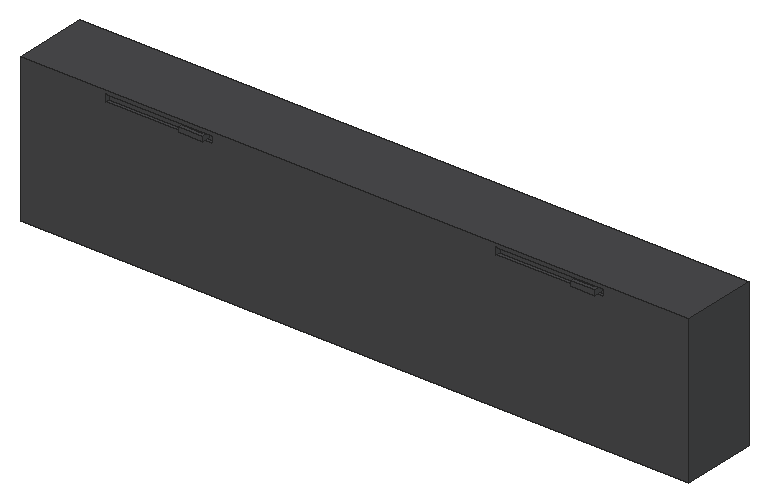
Revit family "DOT BLOCK CEILLING 328_DTSM15U3.1", category Luminarias, Revit 2019
Family settings
  Cota de conector redondo = Diámetro de uso
  Tipo de pieza = Normal
  Se basa en plano de trabajo = Sí
  Siempre vertical = Sí
  Corte con vacíos al cargar = No
  Origen de luz = Sí
  Compartido = No
  Punto de cálculo de habitación = No
Parameters (values of type "DOT BLOCK SURFACE 328_DM15U3.3.1535")
  Ángulo de inclinación = 60.00°
  Zone [instance] = ""
  Watt per fixture = 15
  Wattage = 15 W
  built-in parameter 1150107 = 2700 (stored number, unit not read)
  built-in parameter 1150110 = 1 (stored number, unit not read)
  built-in parameter 1150109 = 1 (stored number, unit not read)
  built-in parameter 1150112 = 1 (stored number, unit not read)
  built-in parameter 1150113 = 1 (stored number, unit not read)
  built-in parameter 1114218 = 1 (stored number, unit not read)
  Keynote = ""
  built-in parameter 1150137 = (empty or 0)
  built-in parameter 1150132 = (empty or 0)
  Modelo = "DM15U3.3.1535"
  Lámpara = "3030SMD PHILIPS"
  built-in parameter 1150105 = 95.493 (stored number, unit not read)
  built-in parameter 1150102 = (empty or 0)
  built-in parameter 1150106 = 0.95493 (stored number, unit not read)
  Lumens = 1200 lm
  Color Filter = 16777215
  built-in parameter 1114217 = 1 (stored number, unit not read)
  built-in parameter 1150139 = (empty or 0)
  Fabricante = "BRILLANT"
  Default Elevation = 1219.2 mm
  built-in parameter 1150104 = 7.4322 (stored number, unit not read)
  Descripción = "LUMINARIA DOWNLIGHT EN FORMATO RECTANGULAR PARA EMPOTRAR DIRECTO EN PLAFON, CUERPO DE ALUMINIO ACABADO EN COLOR NEGRO, IP 20, PESO 0.84Kg, TIPO DE LED 3030SMD PHILIPS CON 15W TOTAL, 1200 LUMENES, 80LM/W, IRC 90, TEMPERATURA EN BLANCO CALIDO 2700K, 50 MIL HORAS DE VIDA PROMEDIO, APERTURA ELIPTICA DE 15X35 GRADOS POR PROYECTO, ALIMENTADO A 90-240V"
  built-in parameter 1150115 = 1 (stored number, unit not read)
  built-in parameter 1150114 = 1 (stored number, unit not read)
  Comentarios de vataje = "90-240V"
  built-in parameter 1150138 = (empty or 0)
  built-in parameter 1150134 = (empty or 0)
  Circuit [instance] = ""
  Dimming Lamp Color Temperature Shift = (empty or 0)
  Archivo de red fotométrica = "L328A-15W-827-B-15X35_IESNA95.IES"
  built-in parameter 1150133 = 10 (stored number, unit not read)
Reference planes
  plane 1 "Centro (Frontal/Posterior)": y = 0
  plane 2: z = 0
  plane 3 "Centro (Izquierda/Derecha)": x = 0
Forms (mm)
  Extrusion 1, solid, material "Default Form", not visible
    sketch origin (0, 0, 0) x (1, 0, 0) y (0, 0, 1)
      loop
        line (-473, 0) -> (-473, -72) -> (473, -72) -> (473, 0) -> (-473, 0)
    from -18.326 to 18.326
  Blend 2, void, not visible
    base sketch origin (-293.63, 0, 0) x (1, 0, 0) y (0, 1, 0)
      loop
        line (-162, 16.149) -> (-162, -16.149) -> (-144.14, -16.149) -> (-144.14, 16.149) -> (-162, 16.149)
    top sketch origin (-293.63, 0, 0) x (1, 0, 0) y (0, 1, 0)
      loop
        line (-160, 12.149) -> (-160, -12.149) -> (-146.14, -12.149) -> (-146.14, 12.149) -> (-160, 12.149)
    from -72 to -61.591
  Blend 3, void, not visible
    base sketch origin (-267.33, 0, 0) x (1, 0, 0) y (0, 1, 0)
      loop
        line (-162, 16.149) -> (-162, -16.149) -> (-144.14, -16.149) -> (-144.14, 16.149) -> (-162, 16.149)
    top sketch origin (-267.33, 0, 0) x (1, 0, 0) y (0, 1, 0)
      loop
        line (-160, 12.149) -> (-160, -12.149) -> (-146.14, -12.149) -> (-146.14, 12.149) -> (-160, 12.149)
    from -72 to -61.591
  Blend 4, void, not visible
    base sketch origin (-241.03, 0, 0) x (1, 0, 0) y (0, 1, 0)
      loop
        line (-162, 16.149) -> (-162, -16.149) -> (-144.14, -16.149) -> (-144.14, 16.149) -> (-162, 16.149)
    top sketch origin (-241.03, 0, 0) x (1, 0, 0) y (0, 1, 0)
      loop
        line (-160, 12.149) -> (-160, -12.149) -> (-146.14, -12.149) -> (-146.14, 12.149) -> (-160, 12.149)
    from -72 to -61.591
  Blend 5, void, not visible
    base sketch origin (-214.73, 0, 0) x (1, 0, 0) y (0, 1, 0)
      loop
        line (-162, 16.149) -> (-162, -16.149) -> (-144.14, -16.149) -> (-144.14, 16.149) -> (-162, 16.149)
    top sketch origin (-214.73, 0, 0) x (1, 0, 0) y (0, 1, 0)
      loop
        line (-160, 12.149) -> (-160, -12.149) -> (-146.14, -12.149) -> (-146.14, 12.149) -> (-160, 12.149)
    from -72 to -61.591
  Blend 6, void, not visible
    base sketch origin (-188.43, 0, 0) x (1, 0, 0) y (0, 1, 0)
      loop
        line (-162, 16.149) -> (-162, -16.149) -> (-144.14, -16.149) -> (-144.14, 16.149) -> (-162, 16.149)
    top sketch origin (-188.43, 0, 0) x (1, 0, 0) y (0, 1, 0)
      loop
        line (-160, 12.149) -> (-160, -12.149) -> (-146.14, -12.149) -> (-146.14, 12.149) -> (-160, 12.149)
    from -72 to -61.591
  Blend 7, void, not visible
    base sketch origin (-162.13, 0, 0) x (1, 0, 0) y (0, 1, 0)
      loop
        line (-162, 16.149) -> (-162, -16.149) -> (-144.14, -16.149) -> (-144.14, 16.149) -> (-162, 16.149)
    top sketch origin (-162.13, 0, 0) x (1, 0, 0) y (0, 1, 0)
      loop
        line (-160, 12.149) -> (-160, -12.149) -> (-146.14, -12.149) -> (-146.14, 12.149) -> (-160, 12.149)
    from -72 to -61.591
  Blend 8, void, not visible
    base sketch origin (-135.83, 0, 0) x (1, 0, 0) y (0, 1, 0)
      loop
        line (-162, 16.149) -> (-162, -16.149) -> (-144.14, -16.149) -> (-144.14, 16.149) -> (-162, 16.149)
    top sketch origin (-135.83, 0, 0) x (1, 0, 0) y (0, 1, 0)
      loop
        line (-160, 12.149) -> (-160, -12.149) -> (-146.14, -12.149) -> (-146.14, 12.149) -> (-160, 12.149)
    from -72 to -61.591
  Blend 9, void, not visible
    base sketch origin (-109.53, 0, 0) x (1, 0, 0) y (0, 1, 0)
      loop
        line (-162, 16.149) -> (-162, -16.149) -> (-144.14, -16.149) -> (-144.14, 16.149) -> (-162, 16.149)
    top sketch origin (-109.53, 0, 0) x (1, 0, 0) y (0, 1, 0)
      loop
        line (-160, 12.149) -> (-160, -12.149) -> (-146.14, -12.149) -> (-146.14, 12.149) -> (-160, 12.149)
    from -72 to -61.591
  Blend 10, void, not visible
    base sketch origin (-83.23, 0, 0) x (1, 0, 0) y (0, 1, 0)
      loop
        line (-162, 16.149) -> (-162, -16.149) -> (-144.14, -16.149) -> (-144.14, 16.149) -> (-162, 16.149)
    top sketch origin (-83.23, 0, 0) x (1, 0, 0) y (0, 1, 0)
      loop
        line (-160, 12.149) -> (-160, -12.149) -> (-146.14, -12.149) -> (-146.14, 12.149) -> (-160, 12.149)
    from -72 to -61.591
  Blend 11, void, not visible
    base sketch origin (-56.93, 0, 0) x (1, 0, 0) y (0, 1, 0)
      loop
        line (-162, 16.149) -> (-162, -16.149) -> (-144.14, -16.149) -> (-144.14, 16.149) -> (-162, 16.149)
    top sketch origin (-56.93, 0, 0) x (1, 0, 0) y (0, 1, 0)
      loop
        line (-160, 12.149) -> (-160, -12.149) -> (-146.14, -12.149) -> (-146.14, 12.149) -> (-160, 12.149)
    from -72 to -61.591
  Blend 12, void, not visible
    base sketch origin (-30.63, 0, 0) x (1, 0, 0) y (0, 1, 0)
      loop
        line (-162, 16.149) -> (-162, -16.149) -> (-144.14, -16.149) -> (-144.14, 16.149) -> (-162, 16.149)
    top sketch origin (-30.63, 0, 0) x (1, 0, 0) y (0, 1, 0)
      loop
        line (-160, 12.149) -> (-160, -12.149) -> (-146.14, -12.149) -> (-146.14, 12.149) -> (-160, 12.149)
    from -72 to -61.591
  Blend 13, void, not visible
    base sketch origin (-4.33, 0, 0) x (1, 0, 0) y (0, 1, 0)
      loop
        line (-162, 16.149) -> (-162, -16.149) -> (-144.14, -16.149) -> (-144.14, 16.149) -> (-162, 16.149)
    top sketch origin (-4.33, 0, 0) x (1, 0, 0) y (0, 1, 0)
      loop
        line (-160, 12.149) -> (-160, -12.149) -> (-146.14, -12.149) -> (-146.14, 12.149) -> (-160, 12.149)
    from -72 to -61.591
  Blend 14, void, not visible
    base sketch origin (21.97, 0, 0) x (1, 0, 0) y (0, 1, 0)
      loop
        line (-162, 16.149) -> (-162, -16.149) -> (-144.14, -16.149) -> (-144.14, 16.149) -> (-162, 16.149)
    top sketch origin (21.97, 0, 0) x (1, 0, 0) y (0, 1, 0)
      loop
        line (-160, 12.149) -> (-160, -12.149) -> (-146.14, -12.149) -> (-146.14, 12.149) -> (-160, 12.149)
    from -72 to -61.591
  Blend 15, void, not visible
    base sketch origin (48.27, 0, 0) x (1, 0, 0) y (0, 1, 0)
      loop
        line (-162, 16.149) -> (-162, -16.149) -> (-144.14, -16.149) -> (-144.14, 16.149) -> (-162, 16.149)
    top sketch origin (48.27, 0, 0) x (1, 0, 0) y (0, 1, 0)
      loop
        line (-160, 12.149) -> (-160, -12.149) -> (-146.14, -12.149) -> (-146.14, 12.149) -> (-160, 12.149)
    from -72 to -61.591
  Blend 16, void, not visible
    base sketch origin (74.57, 0, 0) x (1, 0, 0) y (0, 1, 0)
      loop
        line (-162, 16.149) -> (-162, -16.149) -> (-144.14, -16.149) -> (-144.14, 16.149) -> (-162, 16.149)
    top sketch origin (74.57, 0, 0) x (1, 0, 0) y (0, 1, 0)
      loop
        line (-160, 12.149) -> (-160, -12.149) -> (-146.14, -12.149) -> (-146.14, 12.149) -> (-160, 12.149)
    from -72 to -61.591
  Blend 17, void, not visible
    base sketch origin (100.87, 0, 0) x (1, 0, 0) y (0, 1, 0)
      loop
        line (-162, 16.149) -> (-162, -16.149) -> (-144.14, -16.149) -> (-144.14, 16.149) -> (-162, 16.149)
    top sketch origin (100.87, 0, 0) x (1, 0, 0) y (0, 1, 0)
      loop
        line (-160, 12.149) -> (-160, -12.149) -> (-146.14, -12.149) -> (-146.14, 12.149) -> (-160, 12.149)
    from -72 to -61.591
  Blend 18, void, not visible
    base sketch origin (127.17, 0, 0) x (1, 0, 0) y (0, 1, 0)
      loop
        line (-162, 16.149) -> (-162, -16.149) -> (-144.14, -16.149) -> (-144.14, 16.149) -> (-162, 16.149)
    top sketch origin (127.17, 0, 0) x (1, 0, 0) y (0, 1, 0)
      loop
        line (-160, 12.149) -> (-160, -12.149) -> (-146.14, -12.149) -> (-146.14, 12.149) -> (-160, 12.149)
    from -72 to -61.591
  Blend 19, void, not visible
    base sketch origin (153.47, 0, 0) x (1, 0, 0) y (0, 1, 0)
      loop
        line (-162, 16.149) -> (-162, -16.149) -> (-144.14, -16.149) -> (-144.14, 16.149) -> (-162, 16.149)
    top sketch origin (153.47, 0, 0) x (1, 0, 0) y (0, 1, 0)
      loop
        line (-160, 12.149) -> (-160, -12.149) -> (-146.14, -12.149) -> (-146.14, 12.149) -> (-160, 12.149)
    from -72 to -61.591
  Blend 20, void, not visible
    base sketch origin (179.77, 0, 0) x (1, 0, 0) y (0, 1, 0)
      loop
        line (-162, 16.149) -> (-162, -16.149) -> (-144.14, -16.149) -> (-144.14, 16.149) -> (-162, 16.149)
    top sketch origin (179.77, 0, 0) x (1, 0, 0) y (0, 1, 0)
      loop
        line (-160, 12.149) -> (-160, -12.149) -> (-146.14, -12.149) -> (-146.14, 12.149) -> (-160, 12.149)
    from -72 to -61.591
  Blend 21, void, not visible
    base sketch origin (206.07, 0, 0) x (1, 0, 0) y (0, 1, 0)
      loop
        line (-162, 16.149) -> (-162, -16.149) -> (-144.14, -16.149) -> (-144.14, 16.149) -> (-162, 16.149)
    top sketch origin (206.07, 0, 0) x (1, 0, 0) y (0, 1, 0)
      loop
        line (-160, 12.149) -> (-160, -12.149) -> (-146.14, -12.149) -> (-146.14, 12.149) -> (-160, 12.149)
    from -72 to -61.591
  Blend 22, void, not visible
    base sketch origin (232.37, 0, 0) x (1, 0, 0) y (0, 1, 0)
      loop
        line (-162, 16.149) -> (-162, -16.149) -> (-144.14, -16.149) -> (-144.14, 16.149) -> (-162, 16.149)
    top sketch origin (232.37, 0, 0) x (1, 0, 0) y (0, 1, 0)
      loop
        line (-160, 12.149) -> (-160, -12.149) -> (-146.14, -12.149) -> (-146.14, 12.149) -> (-160, 12.149)
    from -72 to -61.591
  Blend 23, void, not visible
    base sketch origin (258.67, 0, 0) x (1, 0, 0) y (0, 1, 0)
      loop
        line (-162, 16.149) -> (-162, -16.149) -> (-144.14, -16.149) -> (-144.14, 16.149) -> (-162, 16.149)
    top sketch origin (258.67, 0, 0) x (1, 0, 0) y (0, 1, 0)
      loop
        line (-160, 12.149) -> (-160, -12.149) -> (-146.14, -12.149) -> (-146.14, 12.149) -> (-160, 12.149)
    from -72 to -61.591
  Blend 24, void, not visible
    base sketch origin (284.97, 0, 0) x (1, 0, 0) y (0, 1, 0)
      loop
        line (-162, 16.149) -> (-162, -16.149) -> (-144.14, -16.149) -> (-144.14, 16.149) -> (-162, 16.149)
    top sketch origin (284.97, 0, 0) x (1, 0, 0) y (0, 1, 0)
      loop
        line (-160, 12.149) -> (-160, -12.149) -> (-146.14, -12.149) -> (-146.14, 12.149) -> (-160, 12.149)
    from -72 to -61.591
  Blend 25, void, not visible
    base sketch origin (311.27, 0, 0) x (1, 0, 0) y (0, 1, 0)
      loop
        line (-162, 16.149) -> (-162, -16.149) -> (-144.14, -16.149) -> (-144.14, 16.149) -> (-162, 16.149)
    top sketch origin (311.27, 0, 0) x (1, 0, 0) y (0, 1, 0)
      loop
        line (-160, 12.149) -> (-160, -12.149) -> (-146.14, -12.149) -> (-146.14, 12.149) -> (-160, 12.149)
    from -72 to -61.591
  Blend 26, void, not visible
    base sketch origin (337.57, 0, 0) x (1, 0, 0) y (0, 1, 0)
      loop
        line (-162, 16.149) -> (-162, -16.149) -> (-144.14, -16.149) -> (-144.14, 16.149) -> (-162, 16.149)
    top sketch origin (337.57, 0, 0) x (1, 0, 0) y (0, 1, 0)
      loop
        line (-160, 12.149) -> (-160, -12.149) -> (-146.14, -12.149) -> (-146.14, 12.149) -> (-160, 12.149)
    from -72 to -61.591
  Blend 27, void, not visible
    base sketch origin (363.87, 0, 0) x (1, 0, 0) y (0, 1, 0)
      loop
        line (-162, 16.149) -> (-162, -16.149) -> (-144.14, -16.149) -> (-144.14, 16.149) -> (-162, 16.149)
    top sketch origin (363.87, 0, 0) x (1, 0, 0) y (0, 1, 0)
      loop
        line (-160, 12.149) -> (-160, -12.149) -> (-146.14, -12.149) -> (-146.14, 12.149) -> (-160, 12.149)
    from -72 to -61.591
  Blend 28, void, not visible
    base sketch origin (390.17, 0, 0) x (1, 0, 0) y (0, 1, 0)
      loop
        line (-162, 16.149) -> (-162, -16.149) -> (-144.14, -16.149) -> (-144.14, 16.149) -> (-162, 16.149)
    top sketch origin (390.17, 0, 0) x (1, 0, 0) y (0, 1, 0)
      loop
        line (-160, 12.149) -> (-160, -12.149) -> (-146.14, -12.149) -> (-146.14, 12.149) -> (-160, 12.149)
    from -72 to -61.591
  Blend 29, void, not visible
    base sketch origin (416.47, 0, 0) x (1, 0, 0) y (0, 1, 0)
      loop
        line (-162, 16.149) -> (-162, -16.149) -> (-144.14, -16.149) -> (-144.14, 16.149) -> (-162, 16.149)
    top sketch origin (416.47, 0, 0) x (1, 0, 0) y (0, 1, 0)
      loop
        line (-160, 12.149) -> (-160, -12.149) -> (-146.14, -12.149) -> (-146.14, 12.149) -> (-160, 12.149)
    from -72 to -61.591
  Blend 30, void, not visible
    base sketch origin (442.77, 0, 0) x (1, 0, 0) y (0, 1, 0)
      loop
        line (-162, 16.149) -> (-162, -16.149) -> (-144.14, -16.149) -> (-144.14, 16.149) -> (-162, 16.149)
    top sketch origin (442.77, 0, 0) x (1, 0, 0) y (0, 1, 0)
      loop
        line (-160, 12.149) -> (-160, -12.149) -> (-146.14, -12.149) -> (-146.14, 12.149) -> (-160, 12.149)
    from -72 to -61.591
  Blend 31, void, not visible
    base sketch origin (469.07, 0, 0) x (1, 0, 0) y (0, 1, 0)
      loop
        line (-162, 16.149) -> (-162, -16.149) -> (-144.14, -16.149) -> (-144.14, 16.149) -> (-162, 16.149)
    top sketch origin (469.07, 0, 0) x (1, 0, 0) y (0, 1, 0)
      loop
        line (-160, 12.149) -> (-160, -12.149) -> (-146.14, -12.149) -> (-146.14, 12.149) -> (-160, 12.149)
    from -72 to -61.591
  Blend 32, void, not visible
    base sketch origin (495.37, 0, 0) x (1, 0, 0) y (0, 1, 0)
      loop
        line (-162, 16.149) -> (-162, -16.149) -> (-144.14, -16.149) -> (-144.14, 16.149) -> (-162, 16.149)
    top sketch origin (495.37, 0, 0) x (1, 0, 0) y (0, 1, 0)
      loop
        line (-160, 12.149) -> (-160, -12.149) -> (-146.14, -12.149) -> (-146.14, 12.149) -> (-160, 12.149)
    from -72 to -61.591
  Blend 33, void, not visible
    base sketch origin (521.67, 0, 0) x (1, 0, 0) y (0, 1, 0)
      loop
        line (-162, 16.149) -> (-162, -16.149) -> (-144.14, -16.149) -> (-144.14, 16.149) -> (-162, 16.149)
    top sketch origin (521.67, 0, 0) x (1, 0, 0) y (0, 1, 0)
      loop
        line (-160, 12.149) -> (-160, -12.149) -> (-146.14, -12.149) -> (-146.14, 12.149) -> (-160, 12.149)
    from -72 to -61.591
  Blend 34, void, not visible
    base sketch origin (547.97, 0, 0) x (1, 0, 0) y (0, 1, 0)
      loop
        line (-162, 16.149) -> (-162, -16.149) -> (-144.14, -16.149) -> (-144.14, 16.149) -> (-162, 16.149)
    top sketch origin (547.97, 0, 0) x (1, 0, 0) y (0, 1, 0)
      loop
        line (-160, 12.149) -> (-160, -12.149) -> (-146.14, -12.149) -> (-146.14, 12.149) -> (-160, 12.149)
    from -72 to -61.591
  Blend 35, void, not visible
    base sketch origin (574.27, 0, 0) x (1, 0, 0) y (0, 1, 0)
      loop
        line (-162, 16.149) -> (-162, -16.149) -> (-144.14, -16.149) -> (-144.14, 16.149) -> (-162, 16.149)
    top sketch origin (574.27, 0, 0) x (1, 0, 0) y (0, 1, 0)
      loop
        line (-160, 12.149) -> (-160, -12.149) -> (-146.14, -12.149) -> (-146.14, 12.149) -> (-160, 12.149)
    from -72 to -61.591
  Blend 36, void, not visible
    base sketch origin (600.57, 0, 0) x (1, 0, 0) y (0, 1, 0)
      loop
        line (-162, 16.149) -> (-162, -16.149) -> (-144.14, -16.149) -> (-144.14, 16.149) -> (-162, 16.149)
    top sketch origin (600.57, 0, 0) x (1, 0, 0) y (0, 1, 0)
      loop
        line (-160, 12.149) -> (-160, -12.149) -> (-146.14, -12.149) -> (-146.14, 12.149) -> (-160, 12.149)
    from -72 to -61.591
  Extrusion 37, solid, not visible
    sketch origin (-463.861, 0, 3.217) x (0, -1, 0) y (0, 0, -1)
      loop
        line (18.326, 3.217) -> (-18.326, 3.217) -> (-18.326, 73.917) -> (-32.183, 73.917) -> (-32.183, 72.617) -> (-19.626, 72.617) -> (-19.626, 1.917) -> (19.626, 1.917) -> (19.626, 72.617) -> (32.183, 72.617) -> (32.183, 73.917) -> (18.326, 73.917) -> (18.326, 3.217)
    from 89.098 to 128.24
  Extrusion 38, solid, not visible
    sketch origin (-246.523, 0, 3.217) x (0, -1, 0) y (0, 0, 1)
      loop
        line (-19.626, -1.917) -> (19.626, -1.917) -> (19.626, -63.89) -> (20.426, -63.89) -> (20.426, -1.117) -> (-20.426, -1.117) -> (-20.426, -63.89) -> (-19.626, -63.89) -> (-19.626, -1.917)
    from 122.954 to 124.098
  Extrusion 39, solid, not visible
    sketch origin (-463.861, 0, 3.217) x (0, -1, 0) y (0, 0, -1)
      loop
        line (-19.626, 1.917) -> (-19.626, 63.89) -> (-20.426, 63.89) -> (-20.426, 1.117) -> (20.426, 1.117) -> (20.426, 63.89) -> (19.626, 63.89) -> (19.626, 1.917) -> (-19.626, 1.917)
    from 122.954 to 124.098
  Extrusion 40, void, not visible
    sketch origin (0, 0, 0) x (1, 0, 0) y (0, 1, 0)
      loop
        circle (-363.799, -25.904) r 2.055
      loop
        circle (-346.585, -25.904) r 2.055
      loop
        circle (-363.799, 25.904) r 2.055
      loop
        circle (-346.585, 25.904) r 2.055
    from -70.7 to -69.4
  Blend 41, void
    base sketch origin (74.57, 130.851, 72) x (1, 0, 0) y (0, 1, 0)
      loop
        line (-162, -147) -> (-144.14, -147) -> (-144.14, -114.702) -> (-162, -114.702) -> (-162, -147)
    top sketch origin (74.57, 130.851, 72) x (1, 0, 0) y (0, 1, 0)
      loop
        line (-160, -143) -> (-146.14, -143) -> (-146.14, -118.702) -> (-160, -118.702) -> (-160, -143)
    from -72 to -61.591
  Blend 42, void
    base sketch origin (100.87, 130.851, 72) x (1, 0, 0) y (0, 1, 0)
      loop
        line (-162, -147) -> (-144.14, -147) -> (-144.14, -114.702) -> (-162, -114.702) -> (-162, -147)
    top sketch origin (100.87, 130.851, 72) x (1, 0, 0) y (0, 1, 0)
      loop
        line (-160, -143) -> (-146.14, -143) -> (-146.14, -118.702) -> (-160, -118.702) -> (-160, -143)
    from -72 to -61.591
  Blend 43, void
    base sketch origin (127.17, 130.851, 72) x (1, 0, 0) y (0, 1, 0)
      loop
        line (-162, -147) -> (-144.14, -147) -> (-144.14, -114.702) -> (-162, -114.702) -> (-162, -147)
    top sketch origin (127.17, 130.851, 72) x (1, 0, 0) y (0, 1, 0)
      loop
        line (-160, -143) -> (-146.14, -143) -> (-146.14, -118.702) -> (-160, -118.702) -> (-160, -143)
    from -72 to -61.591
  Blend 44, void
    base sketch origin (153.47, 130.851, 72) x (1, 0, 0) y (0, 1, 0)
      loop
        line (-162, -147) -> (-144.14, -147) -> (-144.14, -114.702) -> (-162, -114.702) -> (-162, -147)
    top sketch origin (153.47, 130.851, 72) x (1, 0, 0) y (0, 1, 0)
      loop
        line (-160, -143) -> (-146.14, -143) -> (-146.14, -118.702) -> (-160, -118.702) -> (-160, -143)
    from -72 to -61.591
  Blend 45, void
    base sketch origin (179.77, 130.851, 72) x (1, 0, 0) y (0, 1, 0)
      loop
        line (-162, -147) -> (-144.14, -147) -> (-144.14, -114.702) -> (-162, -114.702) -> (-162, -147)
    top sketch origin (179.77, 130.851, 72) x (1, 0, 0) y (0, 1, 0)
      loop
        line (-160, -143) -> (-146.14, -143) -> (-146.14, -118.702) -> (-160, -118.702) -> (-160, -143)
    from -72 to -61.591
  Blend 46, void
    base sketch origin (206.07, 130.851, 72) x (1, 0, 0) y (0, 1, 0)
      loop
        line (-162, -147) -> (-144.14, -147) -> (-144.14, -114.702) -> (-162, -114.702) -> (-162, -147)
    top sketch origin (206.07, 130.851, 72) x (1, 0, 0) y (0, 1, 0)
      loop
        line (-160, -143) -> (-146.14, -143) -> (-146.14, -118.702) -> (-160, -118.702) -> (-160, -143)
    from -72 to -61.591
  Blend 47, void
    base sketch origin (232.37, 130.851, 72) x (1, 0, 0) y (0, 1, 0)
      loop
        line (-162, -147) -> (-144.14, -147) -> (-144.14, -114.702) -> (-162, -114.702) -> (-162, -147)
    top sketch origin (232.37, 130.851, 72) x (1, 0, 0) y (0, 1, 0)
      loop
        line (-160, -143) -> (-146.14, -143) -> (-146.14, -118.702) -> (-160, -118.702) -> (-160, -143)
    from -72 to -61.591
  Extrusion 48, solid, material "Default Form"
    sketch origin (0, 0, 72) x (1, 0, 0) y (0, 0, -1)
      loop
        line (-164, 0) -> (164, 0) -> (164, 72) -> (-164, 72) -> (-164, 0)
    from -18.326 to 18.326
  Blend 49, void
    base sketch origin (258.67, 130.851, 72) x (1, 0, 0) y (0, 1, 0)
      loop
        line (-162, -147) -> (-144.14, -147) -> (-144.14, -114.702) -> (-162, -114.702) -> (-162, -147)
    top sketch origin (258.67, 130.851, 72) x (1, 0, 0) y (0, 1, 0)
      loop
        line (-160, -143) -> (-146.14, -143) -> (-146.14, -118.702) -> (-160, -118.702) -> (-160, -143)
    from -72 to -61.591
  Blend 50, void
    base sketch origin (284.97, 130.851, 72) x (1, 0, 0) y (0, 1, 0)
      loop
        line (-162, -147) -> (-144.14, -147) -> (-144.14, -114.702) -> (-162, -114.702) -> (-162, -147)
    top sketch origin (284.97, 130.851, 72) x (1, 0, 0) y (0, 1, 0)
      loop
        line (-160, -143) -> (-146.14, -143) -> (-146.14, -118.702) -> (-160, -118.702) -> (-160, -143)
    from -72 to -61.591
  Blend 51, void
    base sketch origin (21.97, 130.851, 72) x (1, 0, 0) y (0, 1, 0)
      loop
        line (-162, -147) -> (-144.14, -147) -> (-144.14, -114.702) -> (-162, -114.702) -> (-162, -147)
    top sketch origin (21.97, 130.851, 72) x (1, 0, 0) y (0, 1, 0)
      loop
        line (-160, -143) -> (-146.14, -143) -> (-146.14, -118.702) -> (-160, -118.702) -> (-160, -143)
    from -72 to -61.591
  Blend 52, void
    base sketch origin (48.27, 130.851, 72) x (1, 0, 0) y (0, 1, 0)
      loop
        line (-162, -147) -> (-144.14, -147) -> (-144.14, -114.702) -> (-162, -114.702) -> (-162, -147)
    top sketch origin (48.27, 130.851, 72) x (1, 0, 0) y (0, 1, 0)
      loop
        line (-160, -143) -> (-146.14, -143) -> (-146.14, -118.702) -> (-160, -118.702) -> (-160, -143)
    from -72 to -61.591
  Extrusion 53, void
    sketch origin (0, 0, 0) x (1, 0, 0) y (0, 1, 0)
      loop
        line (-122.17, -18.326) -> (-69.57, -18.326) -> (-69.57, -16.149) -> (-122.17, -16.149) -> (-122.17, -18.326)
      loop
        line (122.17, -18.326) -> (122.17, -16.149) -> (69.57, -16.149) -> (69.57, -18.326) -> (122.17, -18.326)
      loop
        line (-122.17, 18.326) -> (-122.17, 16.149) -> (-69.57, 16.149) -> (-69.57, 18.326) -> (-122.17, 18.326)
      loop
        line (122.17, 18.326) -> (69.57, 18.326) -> (69.57, 16.149) -> (122.17, 16.149) -> (122.17, 18.326)
    from 66.852 to 70.535
  Extrusion 54, solid, material "Default Form"
    sketch origin (0, 0, 0) x (1, 0, 0) y (0, 1, 0)
      loop
        line (-73.041, -16.149) -> (-74.374, -16.149) -> (-74.374, -18.326) -> (-84.875, -18.326) -> (-84.875, -20.238) -> (-73.041, -20.238) -> (-73.041, -16.149)
      loop
        line (119.435, -16.149) -> (118.101, -16.149) -> (118.101, -18.326) -> (107.601, -18.326) -> (107.601, -20.238) -> (119.435, -20.238) -> (119.435, -16.149)
      loop
        line (-73.041, 16.149) -> (-73.041, 20.238) -> (-84.875, 20.238) -> (-84.875, 18.326) -> (-74.374, 18.326) -> (-74.374, 16.149) -> (-73.041, 16.149)
      loop
        line (119.435, 16.149) -> (119.435, 20.238) -> (107.601, 20.238) -> (107.601, 18.326) -> (118.101, 18.326) -> (118.101, 16.149) -> (119.435, 16.149)
    from 67.466 to 69.773
Cuts and joins
  Blend 41, Blend 42, Blend 43, Blend 44, Blend 45, Blend 46, Blend 47, Blend 49, Blend 50, Blend 51, Blend 52, Extrusion 53 cuts Extrusion 48
Dimensions and locks
  cut or joined group 1 (Blend 41, Blend 42, Blend 43, Blend 44, Blend 45, Blend 46, Blend 47, Extrusion 48, Blend 49, Blend 50, Blend 51, Blend 52, Extrusion 53) to cut or joined group 1 = 72 mm  (x2)
  cut or joined group 1 to cut or joined group 1 = 36.651 mm
  cut or joined group 1 to cut or joined group 1 = 328 mm
  aligned and locked: level to plane 2
Connectors
  electrical at (0, 0, 72)
    settings: on cut or joined group 1, index 1, voltage 0 V, apparent load 0 VA, apparent load phase1 0 VA, apparent load phase2 0 VA, apparent load phase3 0 VA, power factor 1, load classification "Otro", number of poles 1, system type 31, power factor state 1, is connector primary yes, connector utility no, sub classification motor no, connector description ""
